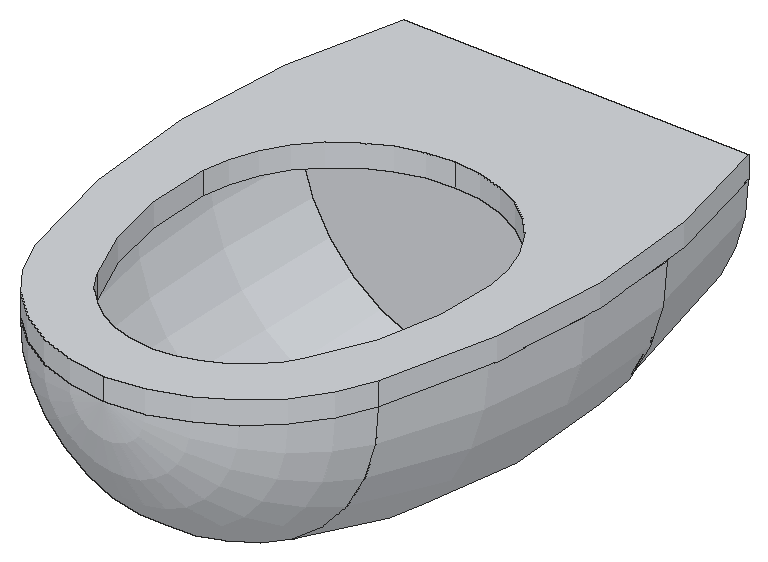
Revit family
Parameters (values of type "520 x 370mm")
  Material = none
  Manufacturer = "Revit"
  Assembly Code = "D2010110"
Reference planes
  plane 1 "Center (Front/Back)": y = 0
  plane 2: z = 0
  plane 3 "Center (Left/Right)": x = 0
  plane 4: y = -244.9
Forms (mm)
  Extrusion 1, solid, material <- "Material"
    sketch origin (0, 0, 307.334) x (1, 0, 0) y (0, 1, 0)
      loop
        arc (-152.704, 0) -> (-185.562, -204.671) -> (-152.704, -409.341) r 653.876
        arc (-152.704, -409.341) -> (-94.349, -490.625) -> (0, -523.953) r 166.984
        arc (0, -523.953) -> (94.349, -490.625) -> (152.704, -409.341) r 166.984
        arc (152.704, -409.341) -> (185.562, -204.671) -> (152.704, 0) r 653.876
        line (152.704, 0) -> (-152.704, 0)
      loop
        arc (0, -134.961) -> (-87.71, -168.958) -> (-128.473, -253.735) r 127.954
        arc (-128.473, -253.735) -> (-122.656, -336.701) -> (-93.86, -414.726) r 294.286
        arc (-93.86, -414.726) -> (-54.664, -456.038) -> (0, -472.002) r 109.21
        arc (0, -472.002) -> (54.664, -456.038) -> (93.86, -414.726) r 109.21
        arc (93.86, -414.726) -> (122.656, -336.701) -> (128.473, -253.735) r 294.286
        arc (128.473, -253.735) -> (87.71, -168.958) -> (0, -134.961) r 127.954
    from -20 to 0
  Blend 2, solid, material <- "Material"
    base sketch origin (0, -124.9, 287.334) x (0, 0, -1) y (-1, 0, 0)
      loop
        line (0, 180) -> (0, -180)
        arc (0, -180) -> (180, 0) -> (0, 180) r 180
    top sketch origin (0, -124.9, 287.334) x (0, 0, -1) y (-1, 0, 0)
      loop
        line (0, 152.605) -> (0, -152.704)
        arc (0, -152.704) -> (152.655, -0.05) -> (0, 152.605) r 152.655
    from 0 to 124.9
  Revolve 3, solid, material <- "Material"
    sketch origin (0, 0, 287.334) x (1, 0, 0) y (0, 1, 0)
      loop
        arc (-180.678, -124.9) -> (-182.423, -268.668) -> (-152.704, -409.341) r 653.876
        arc (-152.704, -409.341) -> (-94.349, -490.625) -> (0, -523.953) r 166.984
        line (0, -523.953) -> (0, -490.489)
        arc (0, -490.489) -> (-74.747, -463.526) -> (-120.946, -398.875) r 133.545
        arc (-120.946, -398.875) -> (-149.342, -263.349) -> (-146.974, -124.9) r 620.437
        line (-146.974, -124.9) -> (-180.678, -124.9)
      axis (0, -523.953) -> (0, -124.9)
    angle from 0 to 180
Lines and regions (mm)
  symbolic lines
    curve 1: line (-152.709, 0, 0) -> (152.709, 0, 0)
    curve 2: line (152.709, 0, 0) -> (158.487, -27.227, 0)
    curve 3: arc (158.487, -27.227, 0) -> (158.776, -28.613, 0) -> (159.057, -30, 0) r 241.075
    curve 4: line (159.057, -30, 0) -> (164.872, -59.182, 0)
    curve 5: line (164.872, -59.182, 0) -> (165.032, -60, 0)
    curve 6: line (165.032, -60, 0) -> (167.579, -73.437, 0)
    curve 7: line (167.579, -73.437, 0) -> (170.601, -90, 0)
    curve 8: arc (170.601, -90, 0) -> (171.704, -96.237, 0) -> (172.775, -102.479, 0) r 1279.669
    curve 9: line (172.775, -102.479, 0) -> (175.675, -120, 0)
    curve 10: arc (175.675, -120, 0) -> (176.56, -125.594, 0) -> (177.405, -131.195, 0) r 793.008
    curve 11: line (177.405, -131.195, 0) -> (180.093, -150, 0)
    curve 12: arc (180.093, -150, 0) -> (181.062, -157.316, 0) -> (181.944, -164.642, 0) r 616.84
    curve 13: arc (181.944, -164.642, 0) -> (182.776, -172.317, 0) -> (183.521, -180, 0) r 674.925
    curve 14: arc (183.521, -180, 0) -> (184.103, -187.122, 0) -> (184.551, -194.253, 0) r 382.449
    curve 15: arc (184.551, -194.253, 0) -> (184.906, -202.124, 0) -> (185.128, -210, 0) r 465.009
    curve 16: arc (185.128, -210, 0) -> (185.235, -217.236, 0) -> (185.272, -224.473, 0) r 746.453
    curve 17: arc (185.272, -224.473, 0) -> (185.238, -232.237, 0) -> (185.135, -240, 0) r 859.081
    curve 18: arc (185.135, -240, 0) -> (184.986, -246.797, 0) -> (184.781, -253.592, 0) r 827.316
    curve 19: arc (184.781, -253.592, 0) -> (184.472, -261.797, 0) -> (184.106, -270, 0) r 1206.742
    curve 20: arc (184.106, -270, 0) -> (183.655, -277.967, 0) -> (183.065, -285.924, 0) r 458.517
    curve 21: arc (183.065, -285.924, 0) -> (182.412, -292.969, 0) -> (181.62, -300, 0) r 360.495
    curve 22: arc (181.62, -300, 0) -> (180.779, -306.235, 0) -> (179.785, -312.448, 0) r 257.635
    curve 23: arc (179.785, -312.448, 0) -> (178.191, -321.238, 0) -> (176.447, -330, 0) r 519.485
    curve 24: arc (176.447, -330, 0) -> (174.874, -337.324, 0) -> (173.21, -344.627, 0) r 595.063
    curve 25: arc (173.21, -344.627, 0) -> (171.356, -352.325, 0) -> (169.411, -360, 0) r 664.851
    curve 26: arc (169.411, -360, 0) -> (167.671, -366.435, 0) -> (165.803, -372.834, 0) r 334.519
    curve 27: arc (165.803, -372.834, 0) -> (163.128, -381.437, 0) -> (160.327, -390, 0) r 611.028
    curve 28: arc (160.327, -390, 0) -> (158.241, -395.884, 0) -> (155.955, -401.694, 0) r 182.055
    curve 29: arc (155.955, -401.694, 0) -> (152.036, -410.89, 0) -> (147.922, -420, 0) r 466.837
    curve 30: arc (147.922, -420, 0) -> (144.7, -426.503, 0) -> (141.155, -432.835, 0) r 144.479
    curve 31: arc (141.155, -432.835, 0) -> (135.794, -441.516, 0) -> (130.126, -450, 0) r 285.669
    curve 32: arc (130.126, -450, 0) -> (126.035, -455.463, 0) -> (121.563, -460.617, 0) r 94.986
    curve 33: arc (121.563, -460.617, 0) -> (112.028, -470.482, 0) -> (102.147, -480, 0) r 384.278
    curve 34: arc (102.147, -480, 0) -> (92.028, -488.613, 0) -> (81.195, -496.31, 0) r 152.143
    curve 35: arc (81.195, -496.31, 0) -> (68.753, -503.666, 0) -> (55.762, -510, 0) r 180.05
    curve 36: arc (55.762, -510, 0) -> (44.275, -514.251, 0) -> (32.368, -517.121, 0) r 103.836
    curve 37: arc (32.368, -517.121, 0) -> (16.248, -519.279, 0) -> (0, -520, 0) r 183.366
    curve 38: arc (0, -520, 0) -> (-16.247, -519.279, 0) -> (-32.367, -517.121, 0) r 183.359
    curve 39: arc (-32.367, -517.121, 0) -> (-44.274, -514.251, 0) -> (-55.76, -510, 0) r 103.836
    curve 40: arc (-55.76, -510, 0) -> (-68.753, -503.665, 0) -> (-81.195, -496.309, 0) r 180.041
    curve 41: arc (-81.195, -496.309, 0) -> (-92.026, -488.612, 0) -> (-102.144, -480, 0) r 152.085
    curve 42: arc (-102.144, -480, 0) -> (-112.023, -470.483, 0) -> (-121.556, -460.619, 0) r 384.319
    curve 43: arc (-121.556, -460.619, 0) -> (-126.029, -455.463, 0) -> (-130.12, -450, 0) r 95.043
    curve 44: arc (-130.12, -450, 0) -> (-135.789, -441.515, 0) -> (-141.151, -432.834, 0) r 285.823
    curve 45: arc (-141.151, -432.834, 0) -> (-144.696, -426.502, 0) -> (-147.918, -420, 0) r 144.491
    curve 46: arc (-147.918, -420, 0) -> (-152.033, -410.891, 0) -> (-155.951, -401.695, 0) r 466.426
    curve 47: arc (-155.951, -401.695, 0) -> (-158.238, -395.885, 0) -> (-160.325, -390, 0) r 181.972
    curve 48: arc (-160.325, -390, 0) -> (-163.125, -381.437, 0) -> (-165.8, -372.834, 0) r 610.744
    curve 49: arc (-165.8, -372.834, 0) -> (-167.668, -366.435, 0) -> (-169.408, -360, 0) r 334.334
    curve 50: arc (-169.408, -360, 0) -> (-171.352, -352.327, 0) -> (-173.205, -344.631, 0) r 665.262
    curve 51: arc (-173.205, -344.631, 0) -> (-174.87, -337.326, 0) -> (-176.443, -330, 0) r 595.997
    curve 52: arc (-176.443, -330, 0) -> (-178.189, -321.233, 0) -> (-179.784, -312.437, 0) r 520.023
    curve 53: arc (-179.784, -312.437, 0) -> (-180.777, -306.23, 0) -> (-181.617, -300, 0) r 257.163
    curve 54: arc (-181.617, -300, 0) -> (-182.408, -292.975, 0) -> (-183.061, -285.936, 0) r 359.924
    curve 55: arc (-183.061, -285.936, 0) -> (-183.651, -277.972, 0) -> (-184.102, -270, 0) r 459.215
    curve 56: arc (-184.102, -270, 0) -> (-184.467, -261.793, 0) -> (-184.776, -253.584, 0) r 1209.393
    curve 57: arc (-184.776, -253.584, 0) -> (-184.981, -246.793, 0) -> (-185.13, -240, 0) r 827.255
    curve 58: arc (-185.13, -240, 0) -> (-185.234, -232.238, 0) -> (-185.267, -224.476, 0) r 858.487
    curve 59: arc (-185.267, -224.476, 0) -> (-185.23, -217.238, 0) -> (-185.123, -210, 0) r 746.539
    curve 60: arc (-185.123, -210, 0) -> (-184.902, -202.124, 0) -> (-184.547, -194.253, 0) r 465.042
    curve 61: arc (-184.547, -194.253, 0) -> (-184.098, -187.122, 0) -> (-183.516, -180, 0) r 382.445
    curve 62: arc (-183.516, -180, 0) -> (-182.771, -172.317, 0) -> (-181.939, -164.643, 0) r 675.164
    curve 63: arc (-181.939, -164.643, 0) -> (-181.058, -157.316, 0) -> (-180.089, -150, 0) r 617.085
    curve 64: line (-180.089, -150, 0) -> (-177.401, -131.193, 0)
    curve 65: arc (-177.401, -131.193, 0) -> (-176.556, -125.594, 0) -> (-175.672, -120, 0) r 792.953
    curve 66: line (-175.672, -120, 0) -> (-172.772, -102.479, 0)
    curve 67: arc (-172.772, -102.479, 0) -> (-171.7, -96.237, 0) -> (-170.598, -90, 0) r 1279.549
    curve 68: line (-170.598, -90, 0) -> (-167.576, -73.437, 0)
    curve 69: line (-167.576, -73.437, 0) -> (-165.03, -60, 0)
    curve 70: line (-165.03, -60, 0) -> (-164.87, -59.182, 0)
    curve 71: line (-164.87, -59.182, 0) -> (-159.056, -30, 0)
    curve 72: arc (-159.056, -30, 0) -> (-158.775, -28.613, 0) -> (-158.486, -27.227, 0) r 241.18
    curve 73: line (-158.486, -27.227, 0) -> (-152.709, 0, 0)
    curve 78: line (-40.564, -141.919, 0) -> (-21.443, -137.609, 0)
    curve 79: line (-21.443, -137.609, 0) -> (-6.214, -135.512, 0)
    curve 80: line (-6.214, -135.512, 0) -> (0, -134.961, 0)
    curve 81: line (0, -134.961, 0) -> (6.214, -135.512, 0)
    curve 82: line (6.214, -135.512, 0) -> (21.444, -137.609, 0)
    curve 83: line (21.444, -137.609, 0) -> (40.566, -141.919, 0)
    curve 84: line (40.566, -141.919, 0) -> (58.46, -149.11, 0)
    curve 85: line (58.46, -149.11, 0) -> (69.193, -155.574, 0)
    curve 86: line (69.193, -155.574, 0) -> (80.294, -163.27, 0)
    curve 87: line (80.294, -163.27, 0) -> (91.195, -172.309, 0)
    curve 88: line (91.195, -172.309, 0) -> (101.325, -182.802, 0)
    curve 89: line (101.325, -182.802, 0) -> (110.116, -194.856, 0)
    curve 90: line (110.116, -194.856, 0) -> (116.998, -208.582, 0)
    curve 91: line (116.998, -208.582, 0) -> (123.923, -226.768, 0)
    curve 92: line (123.923, -226.768, 0) -> (126.44, -236.984, 0)
    curve 93: line (126.44, -236.984, 0) -> (128.329, -252.016, 0)
    curve 94: line (128.329, -252.016, 0) -> (129.67, -268.58, 0)
    curve 95: line (129.67, -268.58, 0) -> (129.547, -284.522, 0)
    curve 96: line (129.547, -284.522, 0) -> (128.342, -299.792, 0)
    curve 97: line (128.342, -299.792, 0) -> (126.438, -314.341, 0)
    curve 98: line (126.438, -314.341, 0) -> (122.862, -334.629, 0)
    curve 99: line (122.862, -334.629, 0) -> (118.446, -354.496, 0)
    curve 100: line (118.446, -354.496, 0) -> (114.173, -369.094, 0)
    curve 101: line (114.173, -369.094, 0) -> (111.149, -377.285, 0)
    curve 102: line (111.149, -377.285, 0) -> (106.848, -388.262, 0)
    curve 103: line (106.848, -388.262, 0) -> (101.13, -401.063, 0)
    curve 104: line (101.13, -401.063, 0) -> (93.855, -414.726, 0)
    curve 105: line (93.855, -414.726, 0) -> (84.884, -428.284, 0)
    curve 106: line (84.884, -428.284, 0) -> (74.077, -440.777, 0)
    curve 107: line (74.077, -440.777, 0) -> (61.296, -451.241, 0)
    curve 108: line (61.296, -451.241, 0) -> (46.351, -460.787, 0)
    curve 109: line (46.351, -460.787, 0) -> (35.102, -466.042, 0)
    curve 110: line (35.102, -466.042, 0) -> (21.625, -469.086, 0)
    curve 111: line (21.625, -469.086, 0) -> (0, -472.002, 0)
    curve 112: line (0, -472.002, 0) -> (-21.623, -469.086, 0)
    curve 113: line (-21.623, -469.086, 0) -> (-35.098, -466.042, 0)
    curve 114: line (-35.098, -466.042, 0) -> (-46.347, -460.787, 0)
    curve 115: line (-46.347, -460.787, 0) -> (-61.29, -451.241, 0)
    curve 116: line (-61.29, -451.241, 0) -> (-74.073, -440.777, 0)
    curve 117: line (-74.073, -440.777, 0) -> (-84.88, -428.284, 0)
    curve 118: line (-84.88, -428.284, 0) -> (-93.851, -414.726, 0)
    curve 119: line (-93.851, -414.726, 0) -> (-101.126, -401.063, 0)
    curve 120: line (-101.126, -401.063, 0) -> (-106.843, -388.262, 0)
    curve 121: line (-106.843, -388.262, 0) -> (-111.143, -377.285, 0)
    curve 122: line (-111.143, -377.285, 0) -> (-114.164, -369.094, 0)
    curve 123: line (-114.164, -369.094, 0) -> (-118.441, -354.496, 0)
    curve 124: line (-118.441, -354.496, 0) -> (-122.86, -334.629, 0)
    curve 125: line (-122.86, -334.629, 0) -> (-126.438, -314.341, 0)
    curve 126: line (-126.438, -314.341, 0) -> (-128.339, -299.792, 0)
    curve 127: line (-128.339, -299.792, 0) -> (-129.544, -284.522, 0)
    curve 128: line (-129.544, -284.522, 0) -> (-129.667, -268.58, 0)
    curve 129: line (-129.667, -268.58, 0) -> (-128.327, -252.016, 0)
    curve 130: line (-128.327, -252.016, 0) -> (-126.436, -236.984, 0)
    curve 131: line (-126.436, -236.984, 0) -> (-123.918, -226.768, 0)
    curve 132: line (-123.918, -226.768, 0) -> (-116.995, -208.582, 0)
    curve 133: line (-116.995, -208.582, 0) -> (-110.113, -194.856, 0)
    curve 134: line (-110.113, -194.856, 0) -> (-101.323, -182.802, 0)
    curve 135: line (-101.323, -182.802, 0) -> (-91.194, -172.309, 0)
    curve 136: line (-91.194, -172.309, 0) -> (-80.294, -163.27, 0)
    curve 137: line (-80.294, -163.27, 0) -> (-69.191, -155.574, 0)
    curve 138: line (-69.191, -155.574, 0) -> (-58.455, -149.11, 0)
    curve 139: line (-58.455, -149.11, 0) -> (-40.564, -141.919, 0)
  symbolic lines, detail levels medium+fine
    curve 74: arc (-89.273, -82.245, 0) -> (-79.273, -92.245, 0) -> (-69.273, -82.245, 0) r 10
    curve 75: arc (-69.273, -82.245, 0) -> (-79.273, -72.245, 0) -> (-89.273, -82.245, 0) r 10
    curve 76: arc (73.765, -82.245, 0) -> (83.765, -92.245, 0) -> (93.765, -82.245, 0) r 10
    curve 77: arc (93.765, -82.245, 0) -> (83.765, -72.245, 0) -> (73.765, -82.245, 0) r 10
    curve 140: line (5.976, -141.954, 0) -> (20.619, -143.977, 0)
    curve 141: line (20.619, -143.977, 0) -> (39.005, -148.127, 0)
    curve 142: line (39.005, -148.127, 0) -> (56.211, -155.039, 0)
    curve 143: line (56.211, -155.039, 0) -> (66.533, -161.26, 0)
    curve 144: line (66.533, -161.26, 0) -> (77.21, -168.662, 0)
    curve 145: line (77.21, -168.662, 0) -> (87.692, -177.354, 0)
    curve 146: line (87.692, -177.354, 0) -> (97.432, -187.442, 0)
    curve 147: line (97.432, -187.442, 0) -> (105.885, -199.033, 0)
    curve 148: line (105.885, -199.033, 0) -> (112.501, -212.235, 0)
    curve 149: line (112.501, -212.235, 0) -> (119.155, -229.721, 0)
    curve 150: line (119.155, -229.721, 0) -> (121.577, -239.539, 0)
    curve 151: line (121.577, -239.539, 0) -> (123.396, -253.99, 0)
    curve 152: line (123.396, -253.99, 0) -> (124.685, -269.928, 0)
    curve 153: line (124.685, -269.928, 0) -> (124.566, -285.259, 0)
    curve 154: line (124.566, -285.259, 0) -> (123.408, -299.937, 0)
    curve 155: line (123.408, -299.937, 0) -> (121.575, -313.915, 0)
    curve 156: line (121.575, -313.915, 0) -> (118.136, -333.429, 0)
    curve 157: line (118.136, -333.429, 0) -> (113.887, -352.531, 0)
    curve 158: line (113.887, -352.531, 0) -> (109.771, -366.57, 0)
    curve 159: line (109.771, -366.57, 0) -> (106.87, -374.443, 0)
    curve 160: line (106.87, -374.443, 0) -> (102.738, -384.997, 0)
    curve 161: line (102.738, -384.997, 0) -> (97.243, -397.305, 0)
    curve 162: line (97.243, -397.305, 0) -> (90.249, -410.44, 0)
    curve 163: line (90.249, -410.44, 0) -> (81.623, -423.478, 0)
    curve 164: line (81.623, -423.478, 0) -> (71.232, -435.49, 0)
    curve 165: line (71.232, -435.49, 0) -> (58.94, -445.552, 0)
    curve 166: line (58.94, -445.552, 0) -> (44.569, -454.739, 0)
    curve 167: line (44.569, -454.739, 0) -> (33.75, -459.793, 0)
    curve 168: line (33.75, -459.793, 0) -> (20.792, -462.718, 0)
    curve 169: line (20.792, -462.718, 0) -> (0, -465.513, 0)
    curve 170: line (0, -465.513, 0) -> (-20.791, -462.718, 0)
    curve 171: line (-20.791, -462.718, 0) -> (-33.752, -459.793, 0)
    curve 172: line (-33.752, -459.793, 0) -> (-44.569, -454.739, 0)
    curve 173: line (-44.569, -454.739, 0) -> (-58.935, -445.552, 0)
    curve 174: line (-58.935, -445.552, 0) -> (-71.227, -435.49, 0)
    curve 175: line (-71.227, -435.49, 0) -> (-81.618, -423.478, 0)
    curve 176: line (-81.618, -423.478, 0) -> (-90.243, -410.44, 0)
    curve 177: line (-90.243, -410.44, 0) -> (-97.237, -397.305, 0)
    curve 178: line (-97.237, -397.305, 0) -> (-102.734, -384.997, 0)
    curve 179: line (-102.734, -384.997, 0) -> (-106.869, -374.443, 0)
    curve 180: line (-106.869, -374.443, 0) -> (-109.776, -366.57, 0)
    curve 181: line (-109.776, -366.57, 0) -> (-113.888, -352.531, 0)
    curve 182: line (-113.888, -352.531, 0) -> (-118.136, -333.429, 0)
    curve 183: line (-118.136, -333.429, 0) -> (-121.577, -313.915, 0)
    curve 184: line (-121.577, -313.915, 0) -> (-123.405, -299.937, 0)
    curve 185: line (-123.405, -299.937, 0) -> (-124.562, -285.259, 0)
    curve 186: line (-124.562, -285.259, 0) -> (-124.678, -269.928, 0)
    curve 187: line (-124.678, -269.928, 0) -> (-123.388, -253.99, 0)
    curve 188: line (-123.388, -253.99, 0) -> (-121.575, -239.539, 0)
    curve 189: line (-121.575, -239.539, 0) -> (-119.154, -229.721, 0)
    curve 190: line (-119.154, -229.721, 0) -> (-112.495, -212.235, 0)
    curve 191: line (-112.495, -212.235, 0) -> (-105.877, -199.033, 0)
    curve 192: line (-105.877, -199.033, 0) -> (-97.425, -187.442, 0)
    curve 193: line (-97.425, -187.442, 0) -> (-87.686, -177.354, 0)
    curve 194: line (-87.686, -177.354, 0) -> (-77.206, -168.662, 0)
    curve 195: line (-77.206, -168.662, 0) -> (-66.534, -161.26, 0)
    curve 196: line (-66.534, -161.26, 0) -> (-56.215, -155.039, 0)
    curve 197: line (-56.215, -155.039, 0) -> (-39.003, -148.127, 0)
    curve 198: line (-39.003, -148.127, 0) -> (-20.615, -143.977, 0)
    curve 199: line (-20.615, -143.977, 0) -> (-5.974, -141.954, 0)
    curve 200: line (-5.974, -141.954, 0) -> (0, -141.421, 0)
    curve 201: line (0, -141.421, 0) -> (5.976, -141.954, 0)
    curve 202: line (0, -181.197, 0) -> (17.767, -181.6, 0)
    curve 203: line (17.767, -181.6, 0) -> (36.235, -182.892, 0)
    curve 204: line (36.235, -182.892, 0) -> (45.847, -184.182, 0)
    curve 205: line (45.847, -184.182, 0) -> (48.116, -185.026, 0)
    curve 206: line (48.116, -185.026, 0) -> (50.235, -186.239, 0)
    curve 207: line (50.235, -186.239, 0) -> (51.172, -188.857, 0)
    curve 208: line (51.172, -188.857, 0) -> (51.172, -204.967, 0)
    curve 209: line (51.172, -204.967, 0) -> (51.172, -231.066, 0)
    curve 210: line (51.172, -231.066, 0) -> (51.172, -244.746, 0)
    curve 211: line (51.172, -244.746, 0) -> (50.778, -248.714, 0)
    curve 212: line (50.778, -248.714, 0) -> (48.463, -257.859, 0)
    curve 213: line (48.463, -257.859, 0) -> (42.524, -268.043, 0)
    curve 214: line (42.524, -268.043, 0) -> (31.59, -278.151, 0)
    curve 215: line (31.59, -278.151, 0) -> (16.753, -286.777, 0)
    curve 216: line (16.753, -286.777, 0) -> (0, -289.349, 0)
    curve 217: line (0, -289.349, 0) -> (-16.751, -286.777, 0)
    curve 218: line (-16.751, -286.777, 0) -> (-31.588, -278.151, 0)
    curve 219: line (-31.588, -278.151, 0) -> (-42.521, -268.043, 0)
    curve 220: line (-42.521, -268.043, 0) -> (-48.459, -257.859, 0)
    curve 221: line (-48.459, -257.859, 0) -> (-50.773, -248.714, 0)
    curve 222: line (-50.773, -248.714, 0) -> (-51.166, -244.746, 0)
    curve 223: line (-51.166, -244.746, 0) -> (-51.166, -231.066, 0)
    curve 224: line (-51.166, -231.066, 0) -> (-51.166, -204.967, 0)
    curve 225: line (-51.166, -204.967, 0) -> (-51.166, -188.857, 0)
    curve 226: line (-51.166, -188.857, 0) -> (-50.231, -186.239, 0)
    curve 227: line (-50.231, -186.239, 0) -> (-48.116, -185.026, 0)
    curve 228: line (-48.116, -185.026, 0) -> (-45.854, -184.182, 0)
    curve 229: line (-45.854, -184.182, 0) -> (-36.238, -182.892, 0)
    curve 230: line (-36.238, -182.892, 0) -> (-17.77, -181.6, 0)
    curve 231: line (-17.77, -181.6, 0) -> (0, -181.197, 0)
